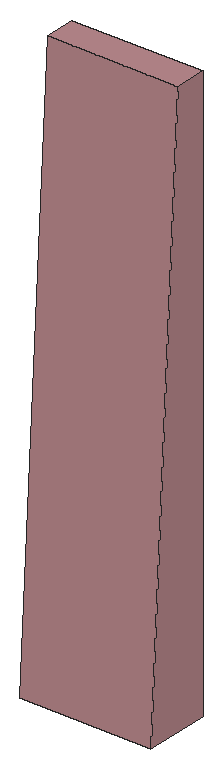
Revit family
Parameters
  Material Buttress = Masonry Brick
  Keynote = "F10"
  Depth at Top [instance] = 215 mm
  Depth at Base [instance] = 450 mm
  Width [instance] = 900 mm
Reference planes
  plane 1 "Center (Front/Back)": y = 0
  plane 2: z = 0
  plane 3 "Center (Left/Right)": x = 0
  plane 4 "Left": x = -450
  plane 5 "Right": x = 450
  plane 6 "Back": y = 225
  plane 7 "Front": y = -225
  plane 8: y = 10
Forms (mm)
  Blend 1, solid, material "Masonry Brick" <- "Material Buttress"
    base sketch origin (0, 0, 0) x (1, 0, 0) y (0, 1, 0)
      loop
        line (-450, -225) -> (450, -225) -> (450, 225) -> (-450, 225) -> (-450, -225)
    top sketch origin (0, 0, 0) x (1, 0, 0) y (0, 1, 0)
      loop
        line (450, 10) -> (450, 225) -> (-450, 225) -> (-450, 10) -> (450, 10)
    from 0 to 4000
Dimensions and locks
  equal spacing: plane 4 "Left", plane 3 "Center (Left/Right)", plane 5 "Right"
  equal spacing: plane 7 "Front", plane 1 "Center (Front/Back)", plane 6 "Back"
  "Width": plane 4 "Left" to plane 5 "Right"
  "Depth at Base": plane 7 "Front" to plane 6 "Back"
  "Depth at Top": plane 8 to plane 6 "Back"
  aligned and locked: level to Blend 1
  aligned and locked: Blend 1 to level
Automatic sketch dimensions
  Blend 1 sketch curve to plane 4 "Left" = 0 mm  (x2)
  Blend 1 sketch curve to plane 5 "Right" = 0 mm  (x2)
  Blend 1 sketch curve to plane 7 "Front" = 0 mm
  Blend 1 sketch curve to plane 6 "Back" = 0 mm  (x2)
  Blend 1 sketch curve to plane 8 = 0 mm
